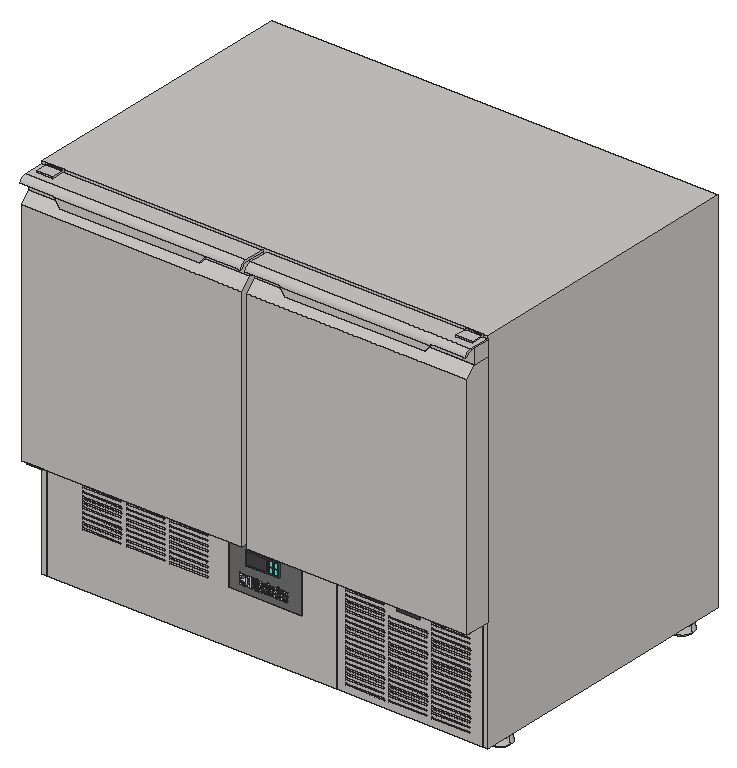
Revit family "QF_ELECTROLUXPROFESSIONAL_725114_SAL25N20", category Attrezzature speciali, Revit 2021
Family settings
  Quota connettore circolare = Usa diametro
  Tipo di parte = Normale
  Basato su piano di lavoro = No
  Sempre verticale = Sì
  Taglio con vuoti quando caricato = No
  Condiviso = No
  Punto di calcolo locali = No
Parameters (values of type "Standard")
  Weight = 65.00 kg
  Watts = 220 W
  Volts = 220 V
  URL Manufacturer = "https://www.electroluxprofessional.com/"
  URL = "https://www.electroluxprofessional.com/"
  Steam Supply Size = 0 mm
  Steam Supply Minimum Pressure = 0.0 Pa
  Steam Supply Maximum Pressure = 0.0 Pa
  Steam Consumption per Hour = 0
  Refrigeration Suction Line Size = 0 mm
  Refrigeration Liquid Line Size = 0 mm
  Refrigerant Compressor Remote = yes
  Prospetto di default = 0 mm
  Produttore = "Electrolux Professional"
  Phase = 1
  Modello = "SAL25N20"
  Length Actual = 950 mm  # constant formula
  Item Number = "725114"
  Hot Water Size = 0 mm
  Height Actual = 809 mm  # constant formula
  HP = "0.3 HP"
  Gas Size = 0 mm
  Gas KW = 0
  Gas Input Pressure = 0 W
  Direct Waste Size = 0 mm
  Descrizione = "2-DOOR REFRIGERATED COUNTER 250L +2+10° - NO TOP R290"
  Depth Actual = 700 mm  # constant formula
  Cycle = 50 Hz
  Condensate Return Size = 0 mm
  Compressed Air Volume = 0.0 L/s
  Compressed Air Size = 0 mm
  Compressed Air Pressure = 0.0 Pa
  Cold Water Size = 0 mm
  Accessory = yes
Reference planes
  plane 1: z = 0
  plane 2 "Center (Left/Right)": x = -126.5
  plane 3 "Center (Front/Back)": y = 64.5
  plane 4 "BACK": y = 414.5
  plane 5 "FRONT": y = -285.5
  plane 6 "LEFT": x = -604
  plane 7 "RIGHT": x = 351
  plane 8 "FEET": z = 20
  plane 9 "TOP": z = 858
  plane 10 "PLAIN": z = 808
  plane 11 "EI_back": y = 414.5
  plane 12 "EI_left": x = 287.5
  plane 13 "BorderBack": y = 414.5
  plane 14 "BorderFront": y = -252.5
  plane 15 "DOOR": y = -197.5
  plane 16 "BorderLeft": x = -601.5
  plane 17 "BorderRight": x = 348.5
  plane 18: x = -576.5
  plane 19: x = 323.5
  plane 20: y = -701.5
  plane 21: z = 260
  plane 22 "FeetBack": y = 347.5
  plane 23 "FeetFront": y = -137.5
  plane 24 "FeetRight": x = 326.2
  plane 25 "FeetLeft": x = -579.2
  plane 26 "DrainX": x = -271.5
  plane 27 "DrainY": y = 91.5
  plane 28: z = 238
Forms (mm)
  Extrusion 1, solid, material "QF_Finishes_Stainless Steel"
    sketch origin (-1022.223, 359, -1763) x (-1, 0, 0) y (0, 0, -1)
      loop
        circle (-1309.723, -1883) r 5
    from -55.5 to -57.278
  Extrusion 2, solid, material "QF_Finishes_Stainless Steel"
    sketch origin (-1022.223, -1524, 20) x (-1, 0, 0) y (0, -1, 0)
      loop
        line (-420.723, -1938.5) -> (-420.723, -1326.5) -> (-1370.723, -1326.5) -> (-1370.723, -1938.5) -> (-420.723, -1938.5)
    from 0 to 788
  Extrusion 3, void
    sketch origin (0, 0, 0) x (1, 0, 0) y (0, 1, 0)
      loop
        line (-591.5, -197.5) -> (338.5, -197.5) -> (338.5, -195.5) -> (-591.5, -195.5) -> (-591.5, -197.5)
    from 20 to 260
  Extrusion 4, solid, material "QF_Finishes_Stainless Steel"
    sketch origin (0, 0, 0) x (1, 0, 0) y (0, 1, 0)
      loop
        line (-591.5, -195.5) -> (-591.5, -197.5) -> (26.373, -197.5) -> (26.373, -195.5) -> (-591.5, -195.5)
    from 20 to 260
  Extrusion 5, solid, material "QF_Finishes_Stainless Steel"
    sketch origin (0, 0, 0) x (1, 0, 0) y (0, 1, 0)
      loop
        line (26.373, -195.5) -> (26.373, -197.5) -> (338.5, -197.5) -> (338.5, -195.5) -> (26.373, -195.5)
    from 20 to 260
  Extrusion 6, void
    sketch origin (560, -285.5, 0) x (-1, 0, 0) y (0, 0, 1)
      loop
        line (514.036, 239.427) -> (431.036, 239.427) -> (431.036, 234.427) -> (514.036, 234.427) -> (514.036, 239.427)
      loop
        line (514.036, 229.427) -> (431.036, 229.427) -> (431.036, 224.427) -> (514.036, 224.427) -> (514.036, 229.427)
      loop
        line (514.036, 219.427) -> (431.036, 219.427) -> (431.036, 214.427) -> (514.036, 214.427) -> (514.036, 219.427)
      loop
        line (514.036, 209.427) -> (431.036, 209.427) -> (431.036, 204.427) -> (514.036, 204.427) -> (514.036, 209.427)
      loop
        line (514.036, 199.427) -> (431.036, 199.427) -> (431.036, 194.427) -> (514.036, 194.427) -> (514.036, 199.427)
      loop
        line (514.036, 189.427) -> (431.036, 189.427) -> (431.036, 184.427) -> (514.036, 184.427) -> (514.036, 189.427)
      loop
        line (514.036, 179.427) -> (431.036, 179.427) -> (431.036, 174.427) -> (514.036, 174.427) -> (514.036, 179.427)
      loop
        line (514.036, 169.427) -> (431.036, 169.427) -> (431.036, 164.427) -> (514.036, 164.427) -> (514.036, 169.427)
      loop
        line (514.036, 149.427) -> (431.036, 149.427) -> (431.036, 144.427) -> (514.036, 144.427) -> (514.036, 149.427)
      loop
        line (514.036, 139.427) -> (431.036, 139.427) -> (431.036, 134.427) -> (514.036, 134.427) -> (514.036, 139.427)
      loop
        line (422.036, 199.427) -> (339.036, 199.427) -> (339.036, 194.427) -> (422.036, 194.427) -> (422.036, 199.427)
      loop
        line (422.036, 189.427) -> (339.036, 189.427) -> (339.036, 184.427) -> (422.036, 184.427) -> (422.036, 189.427)
      loop
        line (422.036, 179.427) -> (339.036, 179.427) -> (339.036, 174.427) -> (422.036, 174.427) -> (422.036, 179.427)
      loop
        line (422.036, 149.427) -> (339.036, 149.427) -> (339.036, 144.427) -> (422.036, 144.427) -> (422.036, 149.427)
      loop
        line (422.036, 139.427) -> (339.036, 139.427) -> (339.036, 134.427) -> (422.036, 134.427) -> (422.036, 139.427)
      loop
        line (330.036, 239.427) -> (247.036, 239.427) -> (247.036, 234.427) -> (330.036, 234.427) -> (330.036, 239.427)
      loop
        line (330.036, 229.427) -> (247.036, 229.427) -> (247.036, 224.427) -> (330.036, 224.427) -> (330.036, 229.427)
      loop
        line (330.036, 219.427) -> (247.036, 219.427) -> (247.036, 214.427) -> (330.036, 214.427) -> (330.036, 219.427)
      loop
        line (330.036, 209.427) -> (247.036, 209.427) -> (247.036, 204.427) -> (330.036, 204.427) -> (330.036, 209.427)
      loop
        line (330.036, 199.427) -> (247.036, 199.427) -> (247.036, 194.427) -> (330.036, 194.427) -> (330.036, 199.427)
      loop
        line (330.036, 189.427) -> (247.036, 189.427) -> (247.036, 184.427) -> (330.036, 184.427) -> (330.036, 189.427)
      loop
        line (330.036, 179.427) -> (247.036, 179.427) -> (247.036, 174.427) -> (330.036, 174.427) -> (330.036, 179.427)
      loop
        line (330.036, 149.427) -> (247.036, 149.427) -> (247.036, 144.427) -> (330.036, 144.427) -> (330.036, 149.427)
      loop
        line (330.036, 139.427) -> (247.036, 139.427) -> (247.036, 134.427) -> (330.036, 134.427) -> (330.036, 139.427)
      loop
        line (422.036, 169.427) -> (339.036, 169.427) -> (339.036, 164.427) -> (422.036, 164.427) -> (422.036, 169.427)
      loop
        line (330.036, 169.427) -> (247.036, 169.427) -> (247.036, 164.427) -> (330.036, 164.427) -> (330.036, 169.427)
      loop
        line (514.036, 159.427) -> (431.036, 159.427) -> (431.036, 154.427) -> (514.036, 154.427) -> (514.036, 159.427)
      loop
        line (422.036, 159.427) -> (339.036, 159.427) -> (339.036, 154.427) -> (422.036, 154.427) -> (422.036, 159.427)
      loop
        line (330.036, 159.427) -> (247.036, 159.427) -> (247.036, 154.427) -> (330.036, 154.427) -> (330.036, 159.427)
      loop
        line (514.036, 129.427) -> (431.036, 129.427) -> (431.036, 124.427) -> (514.036, 124.427) -> (514.036, 129.427)
      loop
        line (514.036, 119.427) -> (431.036, 119.427) -> (431.036, 114.427) -> (514.036, 114.427) -> (514.036, 119.427)
      loop
        line (514.036, 109.427) -> (431.036, 109.427) -> (431.036, 104.427) -> (514.036, 104.427) -> (514.036, 109.427)
      loop
        line (514.036, 99.427) -> (431.036, 99.427) -> (431.036, 94.427) -> (514.036, 94.427) -> (514.036, 99.427)
      loop
        line (514.036, 79.427) -> (431.036, 79.427) -> (431.036, 74.427) -> (514.036, 74.427) -> (514.036, 79.427)
      loop
        line (514.036, 69.427) -> (431.036, 69.427) -> (431.036, 64.427) -> (514.036, 64.427) -> (514.036, 69.427)
      loop
        line (422.036, 129.427) -> (339.036, 129.427) -> (339.036, 124.427) -> (422.036, 124.427) -> (422.036, 129.427)
      loop
        line (422.036, 119.427) -> (339.036, 119.427) -> (339.036, 114.427) -> (422.036, 114.427) -> (422.036, 119.427)
      loop
        line (422.036, 109.427) -> (339.036, 109.427) -> (339.036, 104.427) -> (422.036, 104.427) -> (422.036, 109.427)
      loop
        line (422.036, 79.427) -> (339.036, 79.427) -> (339.036, 74.427) -> (422.036, 74.427) -> (422.036, 79.427)
      loop
        line (422.036, 69.427) -> (339.036, 69.427) -> (339.036, 64.427) -> (422.036, 64.427) -> (422.036, 69.427)
      loop
        line (330.036, 129.427) -> (247.036, 129.427) -> (247.036, 124.427) -> (330.036, 124.427) -> (330.036, 129.427)
      loop
        line (330.036, 119.427) -> (247.036, 119.427) -> (247.036, 114.427) -> (330.036, 114.427) -> (330.036, 119.427)
      loop
        line (330.036, 109.427) -> (247.036, 109.427) -> (247.036, 104.427) -> (330.036, 104.427) -> (330.036, 109.427)
      loop
        line (330.036, 79.427) -> (247.036, 79.427) -> (247.036, 74.427) -> (330.036, 74.427) -> (330.036, 79.427)
      loop
        line (330.036, 69.427) -> (247.036, 69.427) -> (247.036, 64.427) -> (330.036, 64.427) -> (330.036, 69.427)
      loop
        line (422.036, 99.427) -> (339.036, 99.427) -> (339.036, 94.427) -> (422.036, 94.427) -> (422.036, 99.427)
      loop
        line (330.036, 99.427) -> (247.036, 99.427) -> (247.036, 94.427) -> (330.036, 94.427) -> (330.036, 99.427)
      loop
        line (514.036, 89.427) -> (431.036, 89.427) -> (431.036, 84.427) -> (514.036, 84.427) -> (514.036, 89.427)
      loop
        line (422.036, 89.427) -> (339.036, 89.427) -> (339.036, 84.427) -> (422.036, 84.427) -> (422.036, 89.427)
      loop
        line (330.036, 89.427) -> (247.036, 89.427) -> (247.036, 84.427) -> (330.036, 84.427) -> (330.036, 89.427)
      loop
        line (514.036, 49.427) -> (431.036, 49.427) -> (431.036, 44.427) -> (514.036, 44.427) -> (514.036, 49.427)
      loop
        line (514.036, 39.427) -> (431.036, 39.427) -> (431.036, 34.427) -> (514.036, 34.427) -> (514.036, 39.427)
      loop
        line (422.036, 49.427) -> (339.036, 49.427) -> (339.036, 44.427) -> (422.036, 44.427) -> (422.036, 49.427)
      loop
        line (422.036, 39.427) -> (339.036, 39.427) -> (339.036, 34.427) -> (422.036, 34.427) -> (422.036, 39.427)
      loop
        line (330.036, 49.427) -> (247.036, 49.427) -> (247.036, 44.427) -> (330.036, 44.427) -> (330.036, 49.427)
      loop
        line (330.036, 39.427) -> (247.036, 39.427) -> (247.036, 34.427) -> (330.036, 34.427) -> (330.036, 39.427)
      loop
        line (514.036, 59.427) -> (431.036, 59.427) -> (431.036, 54.427) -> (514.036, 54.427) -> (514.036, 59.427)
      loop
        line (422.036, 59.427) -> (339.036, 59.427) -> (339.036, 54.427) -> (422.036, 54.427) -> (422.036, 59.427)
      loop
        line (330.036, 59.427) -> (247.036, 59.427) -> (247.036, 54.427) -> (330.036, 54.427) -> (330.036, 59.427)
      loop
        line (405.536, 239.427) -> (355.536, 239.427) -> (355.536, 214.427) -> (405.536, 214.427) -> (405.536, 239.427)
    from 88 to 90
  Extrusion 7, solid, material "QF_Finishes_Black"
    sketch origin (0, -285.5, 0) x (-1, 0, 0) y (0, 0, 1)
      loop
        line (-154.464, 239.427) -> (-204.464, 239.427) -> (-204.464, 214.427) -> (-154.464, 214.427) -> (-154.464, 239.427)
    from 88 to 90
  Extrusion 8, solid, material "QF_Finishes_Stainless Steel"
    sketch origin (-1022.223, -1524, 20) x (-1, 0, 0) y (0, -1, 0)
      loop
        circle (-750.723, -1615.5) r 6.35
    from 199.427 to 218
  Extrusion 9, void
    sketch origin (0, -285.5, 0) x (-1, 0, 0) y (0, 0, 1)
      loop
        line (514.036, 239.427) -> (431.036, 239.427) -> (431.036, 234.427) -> (514.036, 234.427) -> (514.036, 239.427)
      loop
        line (514.036, 229.427) -> (431.036, 229.427) -> (431.036, 224.427) -> (514.036, 224.427) -> (514.036, 229.427)
      loop
        line (514.036, 219.427) -> (431.036, 219.427) -> (431.036, 214.427) -> (514.036, 214.427) -> (514.036, 219.427)
      loop
        line (514.036, 209.427) -> (431.036, 209.427) -> (431.036, 204.427) -> (514.036, 204.427) -> (514.036, 209.427)
      loop
        line (514.036, 199.427) -> (431.036, 199.427) -> (431.036, 194.427) -> (514.036, 194.427) -> (514.036, 199.427)
      loop
        line (514.036, 189.427) -> (431.036, 189.427) -> (431.036, 184.427) -> (514.036, 184.427) -> (514.036, 189.427)
      loop
        line (514.036, 179.427) -> (431.036, 179.427) -> (431.036, 174.427) -> (514.036, 174.427) -> (514.036, 179.427)
      loop
        line (514.036, 169.427) -> (431.036, 169.427) -> (431.036, 164.427) -> (514.036, 164.427) -> (514.036, 169.427)
      loop
        line (514.036, 149.427) -> (431.036, 149.427) -> (431.036, 144.427) -> (514.036, 144.427) -> (514.036, 149.427)
      loop
        line (514.036, 139.427) -> (431.036, 139.427) -> (431.036, 134.427) -> (514.036, 134.427) -> (514.036, 139.427)
      loop
        line (422.036, 199.427) -> (339.036, 199.427) -> (339.036, 194.427) -> (422.036, 194.427) -> (422.036, 199.427)
      loop
        line (422.036, 189.427) -> (339.036, 189.427) -> (339.036, 184.427) -> (422.036, 184.427) -> (422.036, 189.427)
      loop
        line (422.036, 179.427) -> (339.036, 179.427) -> (339.036, 174.427) -> (422.036, 174.427) -> (422.036, 179.427)
      loop
        line (422.036, 149.427) -> (339.036, 149.427) -> (339.036, 144.427) -> (422.036, 144.427) -> (422.036, 149.427)
      loop
        line (422.036, 139.427) -> (339.036, 139.427) -> (339.036, 134.427) -> (422.036, 134.427) -> (422.036, 139.427)
      loop
        line (330.036, 239.427) -> (247.036, 239.427) -> (247.036, 234.427) -> (330.036, 234.427) -> (330.036, 239.427)
      loop
        line (330.036, 229.427) -> (247.036, 229.427) -> (247.036, 224.427) -> (330.036, 224.427) -> (330.036, 229.427)
      loop
        line (330.036, 219.427) -> (247.036, 219.427) -> (247.036, 214.427) -> (330.036, 214.427) -> (330.036, 219.427)
      loop
        line (330.036, 209.427) -> (247.036, 209.427) -> (247.036, 204.427) -> (330.036, 204.427) -> (330.036, 209.427)
      loop
        line (330.036, 199.427) -> (247.036, 199.427) -> (247.036, 194.427) -> (330.036, 194.427) -> (330.036, 199.427)
      loop
        line (330.036, 189.427) -> (247.036, 189.427) -> (247.036, 184.427) -> (330.036, 184.427) -> (330.036, 189.427)
      loop
        line (330.036, 179.427) -> (247.036, 179.427) -> (247.036, 174.427) -> (330.036, 174.427) -> (330.036, 179.427)
      loop
        line (330.036, 149.427) -> (247.036, 149.427) -> (247.036, 144.427) -> (330.036, 144.427) -> (330.036, 149.427)
      loop
        line (330.036, 139.427) -> (247.036, 139.427) -> (247.036, 134.427) -> (330.036, 134.427) -> (330.036, 139.427)
      loop
        line (422.036, 169.427) -> (339.036, 169.427) -> (339.036, 164.427) -> (422.036, 164.427) -> (422.036, 169.427)
      loop
        line (330.036, 169.427) -> (247.036, 169.427) -> (247.036, 164.427) -> (330.036, 164.427) -> (330.036, 169.427)
      loop
        line (514.036, 159.427) -> (431.036, 159.427) -> (431.036, 154.427) -> (514.036, 154.427) -> (514.036, 159.427)
      loop
        line (422.036, 159.427) -> (339.036, 159.427) -> (339.036, 154.427) -> (422.036, 154.427) -> (422.036, 159.427)
      loop
        line (330.036, 159.427) -> (247.036, 159.427) -> (247.036, 154.427) -> (330.036, 154.427) -> (330.036, 159.427)
      loop
        line (422.036, 239.427) -> (339.036, 239.427) -> (339.036, 234.427) -> (422.036, 234.427) -> (422.036, 239.427)
      loop
        line (422.036, 229.427) -> (339.036, 229.427) -> (339.036, 224.427) -> (422.036, 224.427) -> (422.036, 229.427)
      loop
        line (422.036, 219.427) -> (339.036, 219.427) -> (339.036, 214.427) -> (422.036, 214.427) -> (422.036, 219.427)
      loop
        line (422.036, 209.427) -> (339.036, 209.427) -> (339.036, 204.427) -> (422.036, 204.427) -> (422.036, 209.427)
      loop
        line (204.5, 134.427) -> (204.5, 239.427) -> (48.5, 239.427) -> (48.5, 134.427) -> (204.5, 134.427)
    from 88 to 90
Cuts and joins
  Extrusion 3, Extrusion 6, Extrusion 9 cuts Extrusion 2
  Extrusion 6, Extrusion 9 cuts Extrusion 4
  Extrusion 6 cuts Extrusion 5
Lines and regions (mm)
  symbolic lines, style "SpecialityEquipmentHiddenLines"
    curve 1: line (-601.5, 414.5, 808) -> (348.5, 414.5, 808)
    curve 2: line (-601.5, -197.5, 808) -> (348.5, -197.5, 808)
    curve 3: line (-601.5, 414.5, 808) -> (-601.5, -252.5, 808)
    curve 4: line (348.5, -252.5, 808) -> (348.5, 414.5, 808)
    curve 5: line (-601.5, -252.5, 808) -> (-131.5, -252.5, 808)
    curve 6: line (-131.5, -252.5, 808) -> (-131.5, -197.5, 808)
    curve 7: line (-121.5, -252.5, 808) -> (-121.5, -197.5, 808)
    curve 8: line (-121.5, -252.5, 808) -> (348.5, -252.5, 808)
Dimensions and locks
  equal spacing: plane 6 "LEFT", plane 2 "Center (Left/Right)", plane 7 "RIGHT"
  plane 8 "FEET" to level = 20 mm
  plane 4 "BACK" to plane 13 "BorderBack" = 0 mm
  plane 14 "BorderFront" to plane 5 "FRONT" = 33 mm
  plane 15 "DOOR" to plane 14 "BorderFront" = 55 mm
  plane 6 "LEFT" to plane 16 "BorderLeft" = 2.5 mm
  plane 17 "BorderRight" to plane 7 "RIGHT" = 2.5 mm
  plane 10 "PLAIN" to plane 8 "FEET" = 788 mm
  plane 9 "TOP" to plane 10 "PLAIN" = 50 mm
  plane 19 to plane 17 "BorderRight" = 25 mm
  plane 13 "BorderBack" to plane 11 "EI_back" = 0 mm
  plane 6 "LEFT" to plane 7 "RIGHT" = 955 mm
  plane 4 "BACK" to plane 5 "FRONT" = 700 mm
  equal spacing: plane 4 "BACK", plane 3 "Center (Front/Back)", plane 5 "FRONT"
  plane 13 "BorderBack" to plane 20 = 1116 mm
  plane 21 to plane 8 "FEET" = 240 mm
  plane 13 "BorderBack" to plane 22 "FeetBack" = 67 mm
  plane 23 "FeetFront" to plane 15 "DOOR" = 60 mm
  plane 24 "FeetRight" to plane 17 "BorderRight" = 22.3 mm
  plane 12 "EI_left" to plane 17 "BorderRight" = 61 mm
  plane 13 "BorderBack" to plane 27 "DrainY" = 323 mm
  plane 16 "BorderLeft" to plane 26 "DrainX" = 330 mm
  plane 28 to plane 8 "FEET" = 218 mm
  aligned and locked: level to plane 1
Automatic sketch dimensions
  Extrusion 1 sketch curve to plane 12 "EI_left" = 0 mm
  plane 8 "FEET" to Extrusion 1 sketch curve = 100 mm
  Extrusion 2 sketch curve to plane 4 "BACK" = 0 mm
  Extrusion 2 sketch curve to plane 17 "BorderRight" = 0 mm
  Extrusion 2 sketch curve to plane 15 "DOOR" = 0 mm
  Extrusion 2 sketch curve to plane 16 "BorderLeft" = 0 mm
  Extrusion 3 sketch curve to plane 15 "DOOR" = 0 mm
  plane 16 "BorderLeft" to Extrusion 3 sketch curve = 10 mm
  Extrusion 3 sketch curve to plane 17 "BorderRight" = 10 mm
  plane 15 "DOOR" to Extrusion 3 sketch curve = 2 mm
  Extrusion 4 sketch curve to plane 15 "DOOR" = 0 mm
  plane 16 "BorderLeft" to Extrusion 4 sketch curve = 10 mm
  plane 2 "Center (Left/Right)" to Extrusion 4 sketch curve = 152.873 mm
  plane 15 "DOOR" to Extrusion 4 sketch curve = 2 mm
  Extrusion 5 sketch curve to plane 15 "DOOR" = 0 mm
  plane 2 "Center (Left/Right)" to Extrusion 5 sketch curve = 152.873 mm
  Extrusion 5 sketch curve to plane 17 "BorderRight" = 10 mm
  plane 15 "DOOR" to Extrusion 5 sketch curve = 2 mm
  Extrusion 6 sketch curve to plane 19 = 10.536 mm  (x6)
  Extrusion 6 sketch curve to Extrusion 6 sketch curve = 0 mm  (x96)
  Extrusion 6 sketch curve to Extrusion 6 sketch curve = 83 mm  (x4)
  Extrusion 6 sketch curve to plane 21 = 20.573 mm  (x2)
  Extrusion 6 sketch curve to Extrusion 6 sketch curve = 9 mm  (x11)
  Extrusion 6 sketch curve to Extrusion 6 sketch curve = 66.5 mm
  Extrusion 6 sketch curve to Extrusion 6 sketch curve = 16.5 mm
  plane 8 "FEET" to Extrusion 6 sketch curve = 29.427 mm  (x2)
  Extrusion 6 sketch curve to Extrusion 6 sketch curve = 5 mm  (x115)
  Extrusion 6 sketch curve to Extrusion 6 sketch curve = 15 mm
  Extrusion 6 sketch curve to Extrusion 6 sketch curve = 25.5 mm
  Extrusion 7 sketch curve to plane 21 = 20.573 mm
  Extrusion 7 sketch curve to plane 19 = 119.036 mm
  Extrusion 7 sketch curve to Extrusion 7 sketch curve = 50 mm
  Extrusion 7 sketch curve to Extrusion 7 sketch curve = 25 mm
  Extrusion 8 sketch curve to plane 26 "DrainX" = 0 mm
  Extrusion 8 sketch curve to plane 27 "DrainY" = 0 mm
  curve 8 to plane 14 "BorderFront" = 0 mm
  curve 8 to plane 17 "BorderRight" = 0 mm
  curve 1 to plane 4 "BACK" = 0 mm
  curve 2 to plane 15 "DOOR" = 0 mm
  curve 5 to plane 14 "BorderFront" = 0 mm
  curve 2 to plane 16 "BorderLeft" = 0 mm
  plane 2 "Center (Left/Right)" to curve 7 = 5 mm
  curve 5 to plane 2 "Center (Left/Right)" = 5 mm
  plane 2 "Center (Left/Right)" to Extrusion 9 sketch curve = 78 mm
  plane 28 to Extrusion 9 sketch curve = 1.427 mm  (x4)
  plane 26 "DrainX" to Extrusion 9 sketch curve = 67 mm
  plane 26 "DrainX" to Extrusion 9 sketch curve = 24.464 mm  (x2)
  Extrusion 9 sketch curve to Extrusion 9 sketch curve = 0 mm  (x56)
  Extrusion 9 sketch curve to plane 26 "DrainX" = 58.536 mm
  Extrusion 9 sketch curve to Extrusion 9 sketch curve = 9 mm  (x6)
  Extrusion 9 sketch curve to Extrusion 9 sketch curve = 83 mm
  Extrusion 9 sketch curve to plane 28 = 3.573 mm  (x3)
  Extrusion 9 sketch curve to plane 28 = 13.573 mm  (x2)
  plane 18 to Extrusion 9 sketch curve = 62.464 mm  (x2)
  Extrusion 9 sketch curve to Extrusion 9 sketch curve = 5 mm  (x57)
  radius of Extrusion 1 sketch curve = 5 mm
  radius of Extrusion 8 sketch curve = 6.35 mm
Nested families
  nested 1: "HORIZREF_ELX_DISPLAY" at (-126.5, -195.5, 184.427) x (1, 0, 0) z (0, -1, 0), type "HORIZREF_ELX_DISPLAY"
    with Show Logo yes
  nested 2: "HORIZREF_FEET20" at (326.2, -137.5, 0), type "HORIZREF_FEET20"
  nested 3: "HORIZREF_FEET20" at (326.2, 347.5, 0), type "HORIZREF_FEET20"
  nested 4: "HORIZREF_FEET20" at (-579.2, -137.5, 0), type "HORIZREF_FEET20"
  nested 5: "HORIZREF_FEET20" at (-579.2, 347.5, 0), type "HORIZREF_FEET20"
  nested 6: "HORIZREF_SD_R" at (113.5, -197.5, 531.5) x (1, 0, 0) z (0, -1, 0), type "HORIZREF_SD_R"
    with Show Clearance yes
  nested 7: "Refrigerator" at (351, -285.5, 808), type "Refrigerator"
  nested 8: "HORIZREF_SD_L" at (-366.5, -197.5, 531.497) x (1, 0, 0) z (0, -1, 0), type "HORIZREF_SD_L"
    with Show Clearance yes
Connectors
  electrical at (287.5, 416.278, 120), driven by "Volts"
    settings: on Extrusion 1, index 1, voltage 220 V, apparent load 0 VA, apparent load phase1 0 VA, apparent load phase2 0 VA, apparent load phase3 0 VA, power factor 1, load classification "Other", number of poles 1, system type 31, power factor state 1, is connector primary yes, connector utility no, sub classification motor no, connector description "Electrical Connection"
  piping at (-271.5, 91.5, 219.427), diameter 12.7
    settings: on Extrusion 8, index 2, connector inside diameter 609.6 mm, connector length 0 mm, flow factor 0, pipe flow 0.0 L/s, pressure drop 0.0 Pa, fitting loss kfactor 0, connector angle 0.00°, fixture units 0, engagement length 0 mm, angle of deflection 0.00°, flow configuration 0, flow direction 2, fitting loss method 0, system type 16, joint type 0, gender type 0, connector reference index -1, connector utility 0, adjustable connector no, is connector primary yes, connector description "Drain"
Definition of nested family "HORIZREF_ELX_DISPLAY"
  Parameters
    Show Logo [instance] = yes
    Default Elevation = 1219.2 mm
  Reference planes
    plane 1 "Centro (Fronte/Retro)": y = 0
    plane 2: z = 0
    plane 3 "Centro (Sinistra/Destra)": x = 0
  Forms (mm)
    Extrusion 1, solid
      sketch origin (0, 0, 0) x (1, 0, 0) y (0, 1, 0)
        loop
          line (-1219.2, 1219.2) -> (-1219.2, -1219.2) -> (1219.2, -1219.2) -> (1219.2, 1219.2) -> (-1219.2, 1219.2)
      from 0 to -304.8
    Extrusion 2, solid
      sketch origin (-117.256, -247.111, 0) x (1, 0, 0) y (0, 1, 0)
        loop
          line (77.927, 232.209) -> (77.927, 212.414)
          arc (77.927, 212.414) -> (85.244, 222.312) -> (77.927, 232.209) r 10.352
        loop
          arc (76.92, 232.209) -> (68.688, 230.338) -> (64.721, 222.885) r 10.145
          line (64.721, 222.885) -> (67.996, 222.885)
          arc (67.996, 222.885) -> (73.846, 225.26) -> (76.92, 230.776) r 9.509
          line (76.92, 230.776) -> (76.92, 232.209)
        loop
          arc (76.92, 213.848) -> (73.846, 219.363) -> (67.996, 221.738) r 9.509
          line (67.996, 221.738) -> (64.721, 221.738)
          arc (64.721, 221.738) -> (68.681, 214.224) -> (76.92, 212.16) r 10.411
          line (76.92, 212.16) -> (76.92, 213.848)
        loop
          line (63.97, 233.289) -> (63.97, 211.289) -> (86, 211.289) -> (86, 233.289) -> (63.97, 233.289)
      from 2 to 3.6
    Extrusion 3, solid
      sketch origin (-117.256, -247.111, 0) x (1, 0, 0) y (0, 1, 0)
        loop
          line (98.829, 233.259) -> (91.393, 233.259) -> (91.393, 224.6)
          arc (91.393, 224.6) -> (92.372, 222.237) -> (94.734, 221.259) r 3.341
          line (94.734, 221.259) -> (98.973, 221.259) -> (98.973, 223.201) -> (95.218, 223.201)
          arc (95.218, 223.201) -> (93.984, 223.618) -> (93.459, 224.81) r 1.615
          line (93.459, 224.81) -> (93.459, 226.527) -> (98.508, 226.527) -> (98.508, 228.477) -> (93.459, 228.477) -> (93.459, 231.315) -> (98.829, 231.315) -> (98.829, 233.259)
        loop
          line (100.441, 233.259) -> (100.441, 221.259) -> (102.508, 221.259) -> (102.508, 233.259) -> (100.441, 233.259)
        loop
          line (145.333, 233.259) -> (145.333, 221.259) -> (147.401, 221.259) -> (147.401, 233.259) -> (145.333, 233.259)
        loop
          line (105.926, 225.091) -> (112.709, 225.091)
          arc (112.709, 225.091) -> (111.648, 228.817) -> (108.02, 230.176) r 4.298
          arc (108.02, 230.176) -> (104.824, 228.555) -> (103.912, 225.091) r 4.373
          arc (103.912, 225.091) -> (105.112, 222.194) -> (108.01, 220.994) r 4.097
          arc (108.01, 220.994) -> (110.264, 221.326) -> (112.155, 222.599) r 5.15
          line (112.155, 222.599) -> (110.93, 223.823)
          arc (110.93, 223.823) -> (109.323, 222.859) -> (107.456, 223.021) r 3.039
          arc (107.456, 223.021) -> (106.317, 223.78) -> (105.926, 225.091) r 2.013
        loop
          line (105.978, 226.544) -> (110.632, 226.544)
          arc (110.632, 226.544) -> (109.979, 227.918) -> (108.544, 228.425) r 1.983
          arc (108.544, 228.425) -> (106.888, 227.993) -> (105.978, 226.544) r 2.321
        loop
          line (120.766, 227.409) -> (122.064, 228.707)
          arc (122.064, 228.707) -> (120.436, 229.885) -> (118.459, 230.237) r 4.497
          arc (118.459, 230.237) -> (115.442, 229.135) -> (113.859, 226.34) r 4.652
          arc (113.859, 226.34) -> (116.527, 221.441) -> (121.991, 222.571) r 4.684
          line (121.991, 222.571) -> (120.7, 223.861)
          arc (120.7, 223.861) -> (117.914, 222.94) -> (115.918, 225.091) r 2.714
          arc (115.918, 225.091) -> (116.057, 226.792) -> (117.228, 228.033) r 2.578
          arc (117.228, 228.033) -> (119.103, 228.319) -> (120.766, 227.409) r 2.961
        loop
          line (123.333, 233.259) -> (123.333, 225.058)
          arc (123.333, 225.058) -> (123.512, 223.828) -> (123.973, 222.673) r 5.301
          arc (123.973, 222.673) -> (125.448, 221.5) -> (127.317, 221.253) r 3.531
          line (127.317, 221.253) -> (127.317, 223.19)
          arc (127.317, 223.19) -> (126.761, 223.233) -> (126.243, 223.438) r 1.862
          arc (126.243, 223.438) -> (125.579, 224.14) -> (125.401, 225.091) r 1.713
          line (125.401, 225.091) -> (125.401, 228.06) -> (127.278, 228.06) -> (127.278, 229.938) -> (125.401, 229.938) -> (125.401, 233.259) -> (123.333, 233.259)
        loop
          arc (131.067, 225.821) -> (131.215, 226.686) -> (131.641, 227.453) r 2.607
          arc (131.641, 227.453) -> (132.879, 228.089) -> (134.271, 228.06) r 2.84
          line (134.271, 228.06) -> (134.271, 230.047)
          arc (134.271, 230.047) -> (132.453, 229.875) -> (131.067, 228.687) r 3.016
          line (131.067, 228.687) -> (131.067, 229.938) -> (129.017, 229.938) -> (129.017, 221.259) -> (131.067, 221.259) -> (131.067, 225.821)
        loop
          circle (139.325, 225.597) r 4.599
        loop
          circle (139.325, 225.597) r 2.787
        loop
          arc (154.856, 224.873) -> (154.346, 223.47) -> (152.961, 222.911) r 1.835
          arc (152.961, 222.911) -> (151.577, 223.47) -> (151.067, 224.873) r 1.835
          line (151.067, 224.873) -> (151.067, 229.938) -> (148.982, 229.938) -> (148.982, 224.701)
          arc (148.982, 224.701) -> (150.168, 221.997) -> (152.961, 221.039) r 3.675
          arc (152.961, 221.039) -> (155.786, 222.026) -> (156.94, 224.786) r 3.675
          line (156.94, 224.786) -> (156.94, 229.938) -> (154.856, 229.938) -> (154.856, 224.873)
        loop
          line (158.189, 229.938) -> (161.191, 225.862) -> (157.893, 221.256) -> (160.115, 221.256) -> (162.304, 224.313) -> (164.525, 221.256) -> (166.733, 221.256) -> (163.482, 225.91) -> (166.455, 229.938) -> (164.198, 229.938) -> (162.297, 227.361) -> (160.425, 229.938) -> (158.189, 229.938)
        loop
          line (92.555, 216.284) -> (90.907, 216.284) -> (90.907, 212.134) -> (91.809, 212.134) -> (91.809, 213.563) -> (92.806, 213.563)
          arc (92.806, 213.563) -> (93.922, 215.038) -> (92.555, 216.284) r 1.372
        loop
          arc (92.767, 214.378) -> (93.108, 214.912) -> (92.767, 215.445) r 0.587
          line (92.767, 215.445) -> (91.809, 215.445) -> (91.809, 214.378) -> (92.767, 214.378)
        loop
          line (99.067, 216.284) -> (97.391, 216.284) -> (97.391, 212.134) -> (98.293, 212.134) -> (98.293, 213.563) -> (99.165, 213.563) -> (99.762, 212.134) -> (100.731, 212.134) -> (99.915, 213.884)
          arc (99.915, 213.884) -> (100.306, 214.351) -> (100.437, 214.946) r 1.281
          arc (100.437, 214.946) -> (100.025, 215.894) -> (99.067, 216.284) r 1.37
        loop
          line (98.293, 215.445) -> (98.293, 214.378) -> (99.25, 214.378)
          arc (99.25, 214.378) -> (99.592, 214.912) -> (99.25, 215.445) r 0.587
          line (99.25, 215.445) -> (98.293, 215.445)
        loop
          circle (106.029, 214.209) r 2.156
        loop
          circle (106.029, 214.209) r 1.368
        loop
          line (111.728, 216.284) -> (111.728, 212.134) -> (112.608, 212.134) -> (112.608, 213.584) -> (114.17, 213.584) -> (114.17, 214.514) -> (112.608, 214.514) -> (112.608, 215.39) -> (114.32, 215.39) -> (114.32, 216.284) -> (111.728, 216.284)
        loop
          line (117.82, 216.284) -> (117.82, 213.482)
          arc (117.82, 213.482) -> (118.202, 212.532) -> (119.147, 212.137) r 1.327
          line (119.147, 212.137) -> (120.486, 212.137) -> (120.486, 212.921) -> (119.227, 212.921)
          arc (119.227, 212.921) -> (118.763, 213.304) -> (118.672, 213.899) r 0.845
          line (118.672, 213.899) -> (120.331, 213.899) -> (120.331, 214.683) -> (118.672, 214.683) -> (118.672, 215.5) -> (120.446, 215.5) -> (120.446, 216.284) -> (117.82, 216.284)
        loop
          arc (132.848, 215.758) -> (132.298, 216.209) -> (131.602, 216.353) r 1.485
          arc (131.602, 216.353) -> (130.959, 216.195) -> (130.43, 215.796) r 1.645
          arc (130.43, 215.796) -> (130.333, 214.854) -> (130.941, 214.127) r 1.217
          arc (130.941, 214.127) -> (131.452, 213.957) -> (131.937, 213.722) r 4.201
          arc (131.937, 213.722) -> (132.243, 213.361) -> (132.032, 212.937) r 0.43
          arc (132.032, 212.937) -> (131.64, 212.845) -> (131.25, 212.944) r 0.846
          arc (131.25, 212.944) -> (130.912, 213.187) -> (130.706, 213.548) r 0.983
          line (130.706, 213.548) -> (129.98, 213.209)
          arc (129.98, 213.209) -> (130.241, 212.705) -> (130.663, 212.324) r 1.595
          arc (130.663, 212.324) -> (131.141, 212.12) -> (131.658, 212.068) r 1.719
          arc (131.658, 212.068) -> (132.297, 212.196) -> (132.873, 212.501) r 2.246
          arc (132.873, 212.501) -> (133.128, 213.178) -> (132.996, 213.889) r 1.349
          arc (132.996, 213.889) -> (132.713, 214.216) -> (132.35, 214.453) r 1.564
          arc (132.35, 214.453) -> (131.891, 214.658) -> (131.421, 214.834) r 8.236
          arc (131.421, 214.834) -> (131.149, 215.257) -> (131.542, 215.57) r 0.375
          arc (131.542, 215.57) -> (132.012, 215.457) -> (132.374, 215.136) r 0.998
          line (132.374, 215.136) -> (132.848, 215.758)
        loop
          line (136.655, 216.284) -> (136.655, 212.137) -> (137.508, 212.137) -> (137.508, 216.284) -> (136.655, 216.284)
        loop
          circle (143.258, 214.21) r 1.29
        loop
          circle (143.258, 214.21) r 2.154
        loop
          line (148.978, 212.137) -> (149.84, 212.137) -> (149.84, 214.744) -> (151.737, 212.137) -> (152.566, 212.137) -> (152.566, 216.284) -> (151.705, 216.284) -> (151.705, 213.597) -> (149.808, 216.284) -> (148.978, 216.284) -> (148.978, 212.137)
        loop
          line (156.866, 212.137) -> (157.27, 213.031) -> (158.804, 213.031) -> (159.207, 212.137) -> (160.124, 212.137) -> (158.372, 216.284) -> (157.572, 216.284) -> (155.95, 212.137) -> (156.866, 212.137)
        loop
          line (158.421, 213.882) -> (158.01, 214.793) -> (157.611, 213.882) -> (158.421, 213.882)
        loop
          line (164.359, 212.921) -> (164.359, 216.284) -> (163.507, 216.284) -> (163.507, 212.137) -> (165.954, 212.137) -> (165.954, 212.921) -> (164.359, 212.921)
        loop
          arc (126.63, 215.758) -> (126.081, 216.209) -> (125.384, 216.353) r 1.485
          arc (125.384, 216.353) -> (124.742, 216.195) -> (124.213, 215.796) r 1.645
          arc (124.213, 215.796) -> (124.115, 214.854) -> (124.723, 214.127) r 1.217
          arc (124.723, 214.127) -> (125.234, 213.957) -> (125.719, 213.722) r 4.201
          arc (125.719, 213.722) -> (126.026, 213.361) -> (125.815, 212.937) r 0.43
          arc (125.815, 212.937) -> (125.422, 212.845) -> (125.032, 212.944) r 0.846
          arc (125.032, 212.944) -> (124.695, 213.187) -> (124.488, 213.548) r 0.983
          line (124.488, 213.548) -> (123.763, 213.209)
          arc (123.763, 213.209) -> (124.024, 212.705) -> (124.446, 212.324) r 1.595
          arc (124.446, 212.324) -> (124.923, 212.12) -> (125.441, 212.068) r 1.719
          arc (125.441, 212.068) -> (126.08, 212.196) -> (126.656, 212.501) r 2.246
          arc (126.656, 212.501) -> (126.91, 213.178) -> (126.779, 213.889) r 1.349
          arc (126.779, 213.889) -> (126.495, 214.216) -> (126.132, 214.453) r 1.564
          arc (126.132, 214.453) -> (125.674, 214.658) -> (125.203, 214.834) r 8.236
          arc (125.203, 214.834) -> (124.931, 215.257) -> (125.324, 215.57) r 0.375
          arc (125.324, 215.57) -> (125.795, 215.457) -> (126.156, 215.136) r 0.998
          line (126.156, 215.136) -> (126.63, 215.758)
      from 2 to 3.6
    Extrusion 4, solid
      sketch origin (0, -268.882, 0) x (1, 0, 0) y (0, 1, 0)
        loop
          line (-38.5, 303.882) -> (-38.5, 274.364) -> (31.5, 274.364) -> (31.5, 303.882) -> (-38.5, 303.882)
        loop
          line (-78, 218.882) -> (78, 218.882) -> (78, 318.882) -> (53, 318.882) -> (40, 313.882) -> (-40, 313.882) -> (-53, 318.882) -> (-78, 318.882) -> (-78, 218.882)
      from 0 to 2
    Extrusion 5, solid
      sketch origin (0, -270.882, 0) x (1, 0, 0) y (0, 1, 0)
        loop
          line (-78, 325.882) -> (-78, 320.882) -> (-53, 320.882) -> (-40, 315.882) -> (40, 315.882) -> (53, 320.882) -> (78, 320.882) -> (78, 325.882) -> (-78, 325.882)
      from 0 to 2
    Extrusion 6, solid
      sketch origin (0, -270.882, 0) x (1, 0, 0) y (0, 1, 0)
        loop
          line (-38.5, 305.882) -> (-38.5, 276.364) -> (31.5, 276.364) -> (31.5, 305.882) -> (-38.5, 305.882)
        loop
          line (9.5, 302.882) -> (9.5, 291.882) -> (17.5, 291.882) -> (17.5, 302.882) -> (9.5, 302.882)
        loop
          line (20.512, 302.882) -> (20.512, 291.882) -> (28.512, 291.882) -> (28.512, 302.882) -> (20.512, 302.882)
        loop
          line (20.512, 290.364) -> (20.512, 279.364) -> (28.512, 279.364) -> (28.512, 290.364) -> (20.512, 290.364)
        loop
          line (9.5, 290.364) -> (9.5, 279.364) -> (17.5, 279.364) -> (17.5, 290.364) -> (9.5, 290.364)
        loop
          line (-35.5, 302.882) -> (-35.5, 279.364) -> (6.075, 279.364) -> (6.075, 302.882) -> (-35.5, 302.882)
      from 0 to 4
    Extrusion 7, solid
      sketch origin (0, -270.882, 0) x (1, 0, 0) y (0, 1, 0)
        loop
          line (-35.5, 302.882) -> (-35.5, 279.364) -> (6.075, 279.364) -> (6.075, 302.882) -> (-35.5, 302.882)
      from 0 to 5
    Extrusion 8, solid
      sketch origin (0, -270.882, 0) x (1, 0, 0) y (0, 1, 0)
        loop
          line (9.5, 302.882) -> (9.5, 291.882) -> (17.5, 291.882) -> (17.5, 302.882) -> (9.5, 302.882)
        loop
          line (28.512, 291.882) -> (28.512, 302.882) -> (20.512, 302.882) -> (20.512, 291.882) -> (28.512, 291.882)
        loop
          line (9.5, 279.364) -> (17.5, 279.364) -> (17.5, 290.364) -> (9.5, 290.364) -> (9.5, 279.364)
        loop
          line (28.512, 279.364) -> (28.512, 290.364) -> (20.512, 290.364) -> (20.512, 279.364) -> (28.512, 279.364)
      from 0 to 4
  Dimensions and locks
    aligned and locked: plane 2 to Extrusion 1
    aligned and locked: level to Extrusion 1
Definition of nested family "HORIZREF_FEET20"
  Parameters
    Default Elevation = 0 mm
    FEET = 20 mm
  Reference planes
    plane 1 "Center (Front/Back)": y = 0
    plane 2: z = 0
    plane 3 "Center (Left/Right)": x = 0
    plane 4: z = 20
  Forms (mm)
    Revolve 1, solid
      sketch origin (255.05, 0, 608.09) x (0, 0, 1) y (-1, 0, 0)
        loop
          line (-608.09, 255.05) -> (-608.09, 233.546) -> (-605.676, 231.132) -> (-594.09, 235.349) -> (-594.09, 255.05) -> (-608.09, 255.05)
        axis (-608.09, 255.05) -> (-594.09, 255.05)
      angle from 0 to 360
    Revolve 2, solid
      sketch origin (255.05, 0, 608.09) x (0, 0, 1) y (-1, 0, 0)
        loop
          line (-594.09, 255.05) -> (-594.09, 245.05) -> (-588.09, 245.05) -> (-588.09, 255.05) -> (-594.09, 255.05)
        axis (-594.09, 255.05) -> (-588.09, 255.05)
      angle from 0 to 360
  Dimensions and locks
    "FEET": plane 4 to plane 2
    aligned and locked: level to plane 2
  Automatic sketch dimensions
    Revolve 1 sketch curve to level = 0 mm
    Revolve 1 sketch curve to plane 3 "Center (Left/Right)" = 0 mm  (x2)
    level to Revolve 1 sketch curve = 2.414 mm
    Revolve 1 sketch curve to plane 4 = 6 mm
    plane 3 "Center (Left/Right)" to Revolve 1 sketch curve = 19.701 mm
    Revolve 1 sketch curve to Revolve 1 sketch curve = 1.803 mm
    Revolve 1 sketch curve to Revolve 1 sketch curve = 2.414 mm
    plane 4 to Revolve 1 sketch curve = 50 mm
    Revolve 1 sketch curve to Revolve 1 sketch curve = 20 mm
    Revolve 2 sketch curve to plane 3 "Center (Left/Right)" = 0 mm  (x2)
    Revolve 2 sketch curve to plane 4 = 0 mm
    Revolve 2 sketch curve to plane 4 = 6 mm
    plane 3 "Center (Left/Right)" to Revolve 2 sketch curve = 10 mm
    Revolve 2 sketch curve to Revolve 2 sketch curve = 50 mm
    Revolve 2 sketch curve to Revolve 2 sketch curve = 20 mm
Definition of nested family "HORIZREF_SD_R"
  Parameters
    Show Clearance [instance] = yes
    Default Elevation = 1219.2 mm
  Reference planes
    plane 1 "Centro (Fronte/Retro)": y = 0
    plane 2: z = 0
    plane 3 "Centro (Sinistra/Destra)": x = 0
    plane 4 "Left": x = -235
    plane 5 "Right": x = 235
    plane 6: y = -271.5
    plane 7: y = 271.5
  Forms (mm)
    Extrusion 1, solid
      sketch origin (0, 0, 0) x (1, 0, 0) y (0, 1, 0)
        loop
          line (-1219.2, 1219.2) -> (-1219.2, -1219.2) -> (1219.2, -1219.2) -> (1219.2, 1219.2) -> (-1219.2, 1219.2)
      from 0 to -304.8
    Extrusion 2, solid
      sketch origin (0, -42.5, -3) x (0, 1, 0) y (0, 0, 1)
        loop
          line (-229, 58) -> (-229, 3) -> (279.183, 3) -> (279.183, 37.596) -> (258.779, 58) -> (-229, 58)
      from -235 to 235
    Extrusion 3, solid
      sketch origin (0, -42.5, 0) x (0, 1, 0) y (0, 0, 1)
        loop
          line (314, 0) -> (314, 44.493)
          arc (314, 44.493) -> (310.059, 54.627) -> (300.307, 59.436) r 15
          line (300.307, 59.436) -> (285.612, 60.721) -> (285.351, 57.733) -> (300.046, 56.447)
          arc (300.046, 56.447) -> (307.847, 52.6) -> (311, 44.493) r 12
          line (311, 44.493) -> (311, 0) -> (314, 0)
      from -235 to 235
    Extrusion 4, void
      sketch origin (0, -42.5, 0) x (1, 0, 0) y (0, 1, 0)
        loop
          line (-235, 285.351) -> (-147.017, 285.351)
          arc (-147.017, 285.351) -> (-148.802, 285.771) -> (-150.212, 286.944) r 4
          line (-150.212, 286.944) -> (-160.798, 300.992)
          arc (-160.798, 300.992) -> (-162.208, 302.165) -> (-163.992, 302.585) r 4
          line (-163.992, 302.585) -> (-235, 302.585) -> (-235, 285.351)
        loop
          line (235, 285.351) -> (235, 302.585) -> (163.992, 302.585)
          arc (163.992, 302.585) -> (162.208, 302.165) -> (160.798, 300.992) r 4
          line (160.798, 300.992) -> (150.212, 286.944)
          arc (150.212, 286.944) -> (148.802, 285.771) -> (147.017, 285.351) r 4
          line (147.017, 285.351) -> (235, 285.351)
      from 29.294 to 84.515
    Extrusion 5, solid
      sketch origin (0, -42.5, -3) x (0, 1, 0) y (0, 0, 1)
        loop
          line (279.183, 37.596) -> (279.183, 3) -> (311, 3) -> (311, 37.596) -> (279.183, 37.596)
      from -235 to 235
    Extrusion 6, solid, visible <- "Show Clearance", detail levels coarse
      sketch origin (0, -42.5, 5) x (1, 0, 0) y (0, 0, 1)
        loop
          line (230, 499) -> (180, 499) -> (180, 55) -> (230, 55) -> (230, 499)
      from -314 to 229
    Extrusion 7, solid, detail levels coarse
      sketch origin (0, 0, 5) x (-1, 0, 0) y (0, 0, -1)
        loop
          arc (-180, -499) -> (117.187, -360.829) -> (235, -55) r 437.47
          line (235, -55) -> (-180, -55) -> (-180, -499)
      from -271.5 to 271.5
    Extrusion 8, solid
      sketch origin (235, 0, 0) x (0, 1, 0) y (0, 0, -1)
        loop
          line (-271.5, 0) -> (-274, 0) -> (-274, -55) -> (-271.5, -55) -> (-271.5, 0)
        loop
          line (271.5, -27.948) -> (274, -27.948) -> (274, -2.5) -> (276.503, -2.5) -> (276.503, 0) -> (271.5, 0) -> (271.5, -2.948) -> (271.5, -27.948)
      from 10 to 45
  Cuts and joins
    Extrusion 4 cuts Extrusion 3
  Lines and regions (mm)
    symbolic lines
      curve 1: line (180, 0, 88) -> (180, 0, 504)
      curve 2: line (180, 0, 504) -> (230, 0, 504)
      curve 3: line (230, 0, 504) -> (230, 0, 88)
      curve 4: arc (180, 0, 504) -> (-107.438, 0, 376.415) -> (-232.8, 0, 88) r 433.138
  Dimensions and locks
    plane 4 "Left" to plane 3 "Centro (Sinistra/Destra)" to plane 5 "Right" = 235 mm, 235 mm
    equal spacing: plane 7, plane 1 "Centro (Fronte/Retro)", plane 6
    plane 7 to plane 6 = 543 mm
    aligned and locked: plane 2 to Extrusion 1
    aligned and locked: level to Extrusion 1
  Automatic sketch dimensions
    curve 1 to plane 5 "Right" = 55 mm
    curve 1 to curve 4 = 20.018 mm
    curve 2 to plane 5 "Right" = 5 mm
    level to curve 4 = 71.324 mm
    curve 4 to curve 2 = 432.676 mm
    plane 4 "Left" to curve 4 = 2.2 mm
    curve 4 to curve 1 = 16.676 mm
    curve 4 to curve 3 = 16.676 mm
    Extrusion 1 sketch curve to Extrusion 1 sketch curve = 2438.4 mm  (x2)
    Extrusion 2 sketch curve to plane 6 = 0 mm
    Extrusion 2 sketch curve to level = 0 mm
    Extrusion 2 sketch curve to plane 7 = 55.221 mm
    Extrusion 2 sketch curve to Extrusion 2 sketch curve = 20.404 mm  (x2)
    level to Extrusion 2 sketch curve = 34.596 mm
    Extrusion 3 sketch curve to Extrusion 3 sketch curve = 0 mm  (x2)
    Extrusion 3 sketch curve to level = 0 mm
    Extrusion 3 sketch curve to plane 7 = 0 mm
    Extrusion 3 sketch curve to Extrusion 3 sketch curve = 3 mm
    Extrusion 3 sketch curve to plane 7 = 13.693 mm
    Extrusion 3 sketch curve to Extrusion 3 sketch curve = 0.261 mm  (x2)
    Extrusion 3 sketch curve to Extrusion 3 sketch curve = 1.046 mm
    Extrusion 3 sketch curve to Extrusion 3 sketch curve = 14.695 mm
    level to Extrusion 3 sketch curve = 44.493 mm
    Extrusion 4 sketch curve to plane 4 "Left" = 0 mm
    Extrusion 4 sketch curve to plane 5 "Right" = 0 mm
    Extrusion 4 sketch curve to plane 7 = 11.415 mm
    Extrusion 4 sketch curve to Extrusion 4 sketch curve = 71.008 mm
    Extrusion 4 sketch curve to plane 7 = 13.008 mm  (x2)
    Extrusion 4 sketch curve to Extrusion 4 sketch curve = 3.195 mm  (x4)
    Extrusion 4 sketch curve to plane 7 = 27.056 mm  (x2)
    Extrusion 4 sketch curve to Extrusion 4 sketch curve = 10.586 mm  (x2)
    Extrusion 4 sketch curve to plane 7 = 24.649 mm
    Extrusion 4 sketch curve to plane 5 "Right" = 87.983 mm
    Extrusion 4 sketch curve to Extrusion 4 sketch curve = 17.234 mm
    Extrusion 4 sketch curve to Extrusion 4 sketch curve = 2.407 mm
    Extrusion 4 sketch curve to Extrusion 4 sketch curve = 0 mm  (x2)
    Extrusion 5 sketch curve to level = 0 mm
    Extrusion 5 sketch curve to plane 7 = 34.817 mm
    Extrusion 5 sketch curve to plane 7 = 3 mm
    level to Extrusion 5 sketch curve = 34.596 mm
    Extrusion 6 sketch curve to plane 5 "Right" = 55 mm
    Extrusion 6 sketch curve to plane 5 "Right" = 5 mm
    level to Extrusion 6 sketch curve = 60 mm
    Extrusion 6 sketch curve to Extrusion 6 sketch curve = 444 mm
    Extrusion 7 sketch curve to plane 4 "Left" = 0 mm
    Extrusion 7 sketch curve to plane 5 "Right" = 55 mm
    Extrusion 7 sketch curve to Extrusion 7 sketch curve = 22.413 mm
    level to Extrusion 7 sketch curve = 504 mm
    level to Extrusion 7 sketch curve = 67.104 mm
    Extrusion 8 sketch curve to level = 0 mm  (x2)
    Extrusion 8 sketch curve to plane 6 = 0 mm
    Extrusion 8 sketch curve to plane 7 = 0 mm
    Extrusion 8 sketch curve to plane 6 = 2.5 mm
    plane 7 to Extrusion 8 sketch curve = 2.5 mm
    Extrusion 8 sketch curve to Extrusion 8 sketch curve = 2.503 mm
    level to Extrusion 8 sketch curve = 2.5 mm
    Extrusion 8 sketch curve to Extrusion 8 sketch curve = 0.448 mm
    Extrusion 8 sketch curve to Extrusion 8 sketch curve = 25 mm
    level to Extrusion 8 sketch curve = 55 mm
Definition of nested family "HORIZREF_SD_L"
  Parameters
    Show Clearance [instance] = yes
    Default Elevation = 1219.2 mm
  Reference planes
    plane 1 "Centro (Fronte/Retro)": y = 0
    plane 2: z = 0
    plane 3 "Centro (Sinistra/Destra)": x = 0
    plane 4 "Left": x = -235
    plane 5 "Right": x = 235
    plane 6: y = -271.5
    plane 7: y = 271.5
  Forms (mm)
    Extrusion 1, solid
      sketch origin (0, 0, 0) x (1, 0, 0) y (0, 1, 0)
        loop
          line (-1219.2, 1219.2) -> (-1219.2, -1219.2) -> (1219.2, -1219.2) -> (1219.2, 1219.2) -> (-1219.2, 1219.2)
      from 0 to -304.8
    Extrusion 2, solid
      sketch origin (0, -42.5, -3) x (0, 1, 0) y (0, 0, 1)
        loop
          line (-229, 58) -> (-229, 3) -> (279.183, 3) -> (279.183, 37.596) -> (258.779, 58) -> (-229, 58)
      from -235 to 235
    Extrusion 3, solid
      sketch origin (0, -42.5, 0) x (0, 1, 0) y (0, 0, 1)
        loop
          line (314, 0) -> (314, 44.493)
          arc (314, 44.493) -> (310.059, 54.627) -> (300.307, 59.436) r 15
          line (300.307, 59.436) -> (285.612, 60.721) -> (285.351, 57.733) -> (300.046, 56.447)
          arc (300.046, 56.447) -> (307.847, 52.6) -> (311, 44.493) r 12
          line (311, 44.493) -> (311, 0) -> (314, 0)
      from -235 to 235
    Extrusion 4, void
      sketch origin (0, -42.5, 0) x (1, 0, 0) y (0, 1, 0)
        loop
          line (-235, 285.351) -> (-147.017, 285.351)
          arc (-147.017, 285.351) -> (-148.802, 285.771) -> (-150.212, 286.944) r 4
          line (-150.212, 286.944) -> (-160.798, 300.992)
          arc (-160.798, 300.992) -> (-162.208, 302.165) -> (-163.992, 302.585) r 4
          line (-163.992, 302.585) -> (-235, 302.585) -> (-235, 285.351)
        loop
          line (235, 285.351) -> (235, 302.585) -> (163.992, 302.585)
          arc (163.992, 302.585) -> (162.208, 302.165) -> (160.798, 300.992) r 4
          line (160.798, 300.992) -> (150.212, 286.944)
          arc (150.212, 286.944) -> (148.802, 285.771) -> (147.017, 285.351) r 4
          line (147.017, 285.351) -> (235, 285.351)
      from 29.294 to 84.515
    Extrusion 5, solid, visible <- "Show Clearance", detail levels coarse
      sketch origin (0, -42.5, 5) x (-1, 0, 0) y (0, 0, -1)
        loop
          line (230, -499) -> (230, -55) -> (180, -55) -> (180, -499) -> (230, -499)
      from -314 to 229
    Extrusion 6, solid
      sketch origin (-235, 0, 0) x (0, 1, 0) y (0, 0, 1)
        loop
          line (-271.5, 0) -> (-271.5, 55) -> (-274, 55) -> (-274, 0) -> (-271.5, 0)
        loop
          line (271.5, 27.948) -> (271.5, 2.948) -> (271.5, 0) -> (276.503, 0) -> (276.503, 2.5) -> (274, 2.5) -> (274, 27.948) -> (271.5, 27.948)
      from 10 to 45
    Extrusion 7, solid
      sketch origin (0, -42.5, -3) x (0, 1, 0) y (0, 0, 1)
        loop
          line (279.183, 37.596) -> (279.183, 3) -> (311, 3) -> (311, 37.596) -> (279.183, 37.596)
      from -235 to 235
    Extrusion 8, solid, detail levels coarse
      sketch origin (0, 0, 5) x (1, 0, 0) y (0, 0, 1)
        loop
          line (-180, 499) -> (-180, 55) -> (235, 55)
          arc (235, 55) -> (117.187, 360.829) -> (-180, 499) r 437.47
      from -271.5 to 271.5
  Cuts and joins
    Extrusion 4 cuts Extrusion 3
  Lines and regions (mm)
    symbolic lines
      curve 1: line (-180, 0, 88) -> (-180, 0, 504)
      curve 2: line (-180, 0, 504) -> (-230, 0, 504)
      curve 3: line (-230, 0, 504) -> (-230, 0, 88)
      curve 4: arc (-180, 0, 504) -> (107.438, 0, 376.415) -> (232.8, 0, 88) r 433.138
  Dimensions and locks
    plane 4 "Left" to plane 3 "Centro (Sinistra/Destra)" to plane 5 "Right" = 235 mm, 235 mm
    equal spacing: plane 7, plane 1 "Centro (Fronte/Retro)", plane 6
    plane 7 to plane 6 = 543 mm
    aligned and locked: plane 2 to Extrusion 1
    aligned and locked: level to Extrusion 1
  Automatic sketch dimensions
    Extrusion 1 sketch curve to Extrusion 1 sketch curve = 2438.4 mm  (x2)
    Extrusion 2 sketch curve to plane 6 = 0 mm
    Extrusion 2 sketch curve to level = 0 mm
    Extrusion 2 sketch curve to plane 7 = 55.221 mm
    Extrusion 2 sketch curve to Extrusion 2 sketch curve = 20.404 mm  (x2)
    level to Extrusion 2 sketch curve = 34.596 mm
    Extrusion 3 sketch curve to Extrusion 3 sketch curve = 0 mm  (x2)
    Extrusion 3 sketch curve to level = 0 mm
    Extrusion 3 sketch curve to plane 7 = 0 mm
    Extrusion 3 sketch curve to Extrusion 3 sketch curve = 3 mm
    Extrusion 3 sketch curve to plane 7 = 13.693 mm
    Extrusion 3 sketch curve to Extrusion 3 sketch curve = 0.261 mm  (x2)
    Extrusion 3 sketch curve to Extrusion 3 sketch curve = 1.046 mm
    Extrusion 3 sketch curve to Extrusion 3 sketch curve = 14.695 mm
    level to Extrusion 3 sketch curve = 44.493 mm
    Extrusion 7 sketch curve to level = 0 mm
    Extrusion 7 sketch curve to plane 7 = 3 mm
    level to Extrusion 7 sketch curve = 34.596 mm
    Extrusion 7 sketch curve to Extrusion 7 sketch curve = 31.817 mm
    Extrusion 4 sketch curve to plane 4 "Left" = 0 mm
    Extrusion 4 sketch curve to plane 5 "Right" = 0 mm
    Extrusion 4 sketch curve to plane 7 = 11.415 mm
    Extrusion 4 sketch curve to Extrusion 4 sketch curve = 71.008 mm
    Extrusion 4 sketch curve to plane 7 = 13.008 mm  (x2)
    Extrusion 4 sketch curve to Extrusion 4 sketch curve = 3.195 mm  (x4)
    Extrusion 4 sketch curve to plane 7 = 27.056 mm  (x2)
    Extrusion 4 sketch curve to Extrusion 4 sketch curve = 10.586 mm  (x2)
    Extrusion 4 sketch curve to Extrusion 4 sketch curve = 0 mm  (x2)
    Extrusion 4 sketch curve to plane 7 = 24.649 mm
    Extrusion 4 sketch curve to plane 5 "Right" = 87.983 mm
    Extrusion 4 sketch curve to Extrusion 4 sketch curve = 17.234 mm
    Extrusion 4 sketch curve to Extrusion 4 sketch curve = 2.407 mm
    plane 4 "Left" to Extrusion 5 sketch curve = 55 mm
    plane 4 "Left" to Extrusion 5 sketch curve = 5 mm
    level to Extrusion 5 sketch curve = 504 mm
    level to Extrusion 5 sketch curve = 60 mm
    Extrusion 6 sketch curve to level = 0 mm  (x2)
    Extrusion 6 sketch curve to plane 6 = 0 mm
    Extrusion 6 sketch curve to plane 6 = 2.5 mm
    plane 7 to Extrusion 6 sketch curve = 0 mm
    Extrusion 6 sketch curve to Extrusion 6 sketch curve = 2.5 mm
    Extrusion 6 sketch curve to Extrusion 6 sketch curve = 2.503 mm
    level to Extrusion 6 sketch curve = 2.5 mm
    Extrusion 6 sketch curve to Extrusion 6 sketch curve = 0.448 mm
    Extrusion 6 sketch curve to Extrusion 6 sketch curve = 25 mm
    Extrusion 6 sketch curve to Extrusion 6 sketch curve = 55 mm
    Extrusion 8 sketch curve to plane 5 "Right" = 0 mm
    plane 4 "Left" to Extrusion 8 sketch curve = 55 mm
    Extrusion 8 sketch curve to Extrusion 8 sketch curve = 22.413 mm
    level to Extrusion 8 sketch curve = 60 mm
    Extrusion 8 sketch curve to Extrusion 8 sketch curve = 7.104 mm
    plane 4 "Left" to curve 2 = 5 mm
    curve 3 to curve 4 = 29.982 mm
    curve 2 to curve 1 = 50 mm
    level to curve 4 = 71.324 mm
    curve 4 to curve 1 = 16.676 mm
    curve 4 to curve 3 = 16.676 mm
    curve 1 to curve 2 = 416 mm
    curve 4 to plane 5 "Right" = 2.2 mm
Definition of nested family "Refrigerator"
  Reference planes
    plane 1 "Center (Front/Back)": y = 0
    plane 2: z = 0
    plane 3 "Center (Left/Right)": x = 0
  Lines and regions (mm)
    detail lines, in view "Ref. Level"
      curve 1: spline (-500, 190, 0) -> (-493.185, 166.706, 0) -> (-473.205, 145, 0) -> (-441.421, 126.36, 0) -> (-400, 112.058, 0) -> (-351.764, 103.067, 0) -> (-300, 100, 0) -> (-248.236, 103.067, 0) -> (-200, 112.058, 0) -> (-158.579, 126.36, 0) -> (-126.795, 145, 0) -> (-106.815, 166.706, 0) -> (-100, 190, 0) -> (-106.815, 213.294, 0) -> (-126.795, 235, 0) -> (-158.579, 253.64, 0) -> (-200, 267.942, 0) -> (-248.236, 276.933, 0) -> (-300, 280, 0) -> (-351.764, 276.933, 0) -> (-400, 267.942, 0) -> (-441.421, 253.64, 0) -> (-473.205, 235, 0) -> (-493.185, 213.294, 0) -> (-500, 190, 0)
      curve 2: line (-300, 130, 0) -> (-300, 250, 0)
      curve 3: line (-351.962, 220, 0) -> (-248.038, 160, 0)
      curve 4: line (-351.962, 160, 0) -> (-248.038, 220, 0)
      curve 5: line (-280.884, 246.873, 0) -> (-300, 225, 0)
      curve 6: line (-300, 225, 0) -> (-319.116, 246.873, 0)
      curve 7: line (-330.311, 207.5, 0) -> (-339.696, 234.992, 0)
      curve 8: line (-358.812, 201.882, 0) -> (-330.311, 207.5, 0)
      curve 9: line (-330.311, 172.5, 0) -> (-358.812, 178.118, 0)
      curve 10: line (-339.696, 145.008, 0) -> (-330.311, 172.5, 0)
      curve 11: line (-300, 155, 0) -> (-319.116, 133.127, 0)
      curve 12: line (-280.884, 133.127, 0) -> (-300, 155, 0)
      curve 13: line (-269.689, 172.5, 0) -> (-260.304, 145.008, 0)
      curve 14: line (-241.188, 178.118, 0) -> (-269.689, 172.5, 0)
      curve 15: line (-269.689, 207.5, 0) -> (-241.188, 201.882, 0)
      curve 16: line (-260.304, 234.992, 0) -> (-269.689, 207.5, 0)
